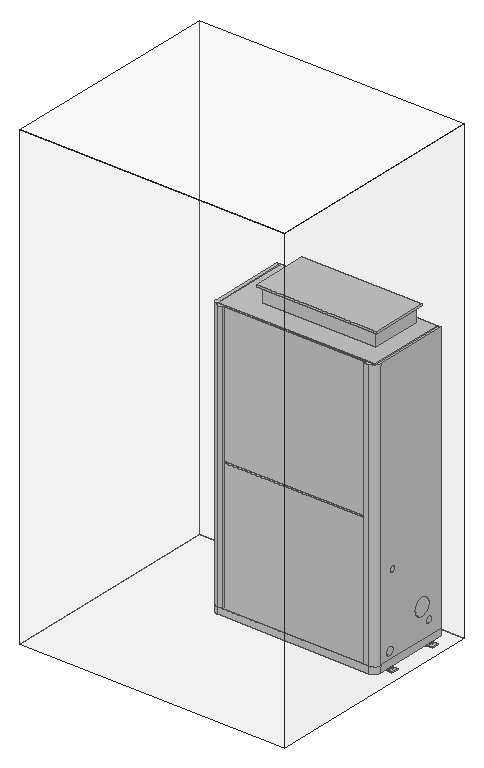
Revit family "pfav-p224_560dme3_60Hz", category 機械設備, Revit 2019
Family settings
  丸型コネクタ寸法 = 直径を使用
  パーツ タイプ = 標準
  OmniClass 番号 = 23.75.10.24.21.27.27
  OmniClass タイトル = Split System Air Conditioning Units
  作業面ベース = いいえ
  常に垂直 = はい
  ロード時にボイドで切り取り = いいえ
  共有 = いいえ
  部屋計算ポイント = いいえ
Parameters (values of type "PFAV-P224DME3")
  風量（m3／min） = 65
  風量 = MAX風量  # 3900 m³/h
  音響パワーレベル(dB) = 69
  電源種別 = ""
  電圧_電気ヒーター = 0 V
  電圧 = 200 V
  電動機出力_送風機 = 1500 W
  電動機出力_圧縮機 = 4510 W
  運転質量 = 0.00 kg
  連動 = ""
  質量 = if(製品質量 > 運転質量, 製品質量, 運転質量) * 1.2  # 150.00 kg
  負荷分類 = 3_ファン類
  説明 = "設備用パッケージエアコン 空冷床置形・冷暖兼用 一般空調設備用標準シリーズ"
  設計暖房能力 [instance] = 0 kW
  設計冷房能力_顕熱 [instance] = 0 kW
  設計冷房能力 [instance] = 0 kW
  設置方法 = "床置形"
  記号 [instance] = ""
  製造元 = "三菱電機株式会社"
  製品質量 = 125.00 kg
  製品出荷対象 = "国内"
  製品リリース年月 = ""
  製品グループ = ""
  系統 [instance] = ""
  符号 = "PAC-FRV(J)"
  積算_科目 = "1 空気調和設備"
  積算_拾い区分 [instance] = ""
  相_電気ヒーター = 1
  相 = 3
  盤記号 [instance] = ""
  発停方法 = ""
  特殊仕様 [instance] = ""
  火災停止 = ""
  消費電力_電気ヒーター = 0 W
  消費電力_暖房 = 740 W
  消費電力_加湿器 = 0 W
  消費電力_冷房 = 740 W
  消費電力 = if(消費電力_冷房 > 消費電力_暖房, 消費電力_冷房, 消費電力_暖房) + 消費電力_加湿器 + 消費電力_電気ヒーター  # 740 W
  法定耐用年数 = "15"
  機械基礎質量 [instance] = 0.00 kg
  機械基礎_W = 0.00 mm
  機械基礎_H = 0.00 mm
  機械基礎_D = 0.00 mm
  機械基礎 [instance] = no
  機外静圧 = 80.0 Pa
  極数 = 3
  材質 [instance] = ""
  本体マテリアル = none
  有効加湿量 = 0
  最小電線太さ_mm = 1.6
  最大電流値 = 6.5 A
  暖房能力 = 22.4 kW
  推奨ブレーカー容量 = 15 A
  形式_加湿器 = ""
  形式 = "床置（露出）立形"
  形名 = PFAV-P-DME : PFAV-P224DME3
  幹線記号 [instance] = ""
  始動方式 = "直入"
  呼称 = "パッケージ形空気調和機_室内機"
  周波数 = 60 Hz
  台数_手元リモコン [instance] = ""
  台数_冷媒分岐ユニット [instance] = ""
  参照している仕様書等のバージョン = "公共建築工事標準仕様書（機械設備工事編）平成31年度版"
  加湿給水管径 = 0.00 mm
  分類コード = "50053003023020"
  分類グループ = ""
  冷房能力 = 20 kW
  冷媒高低圧ガス管径 = 0.00 mm
  冷媒管径符号 = "Be"
  冷媒管径 = 100.00 mm
  冷媒液管径 = 9.52 mm
  冷媒ガス管径 = 19.05 mm
  価格 = 0
  企業コード = "108420"
  付属品_フィルター = ""
  付属品 [instance] = ""
  仕様書バージョン = "Version1.0"
  モデル = "PFAV-P224DME3"
  ドレン管径 = 34.00 mm
  ダクト高 = 336 mm
  ダクト幅 = 715 mm
  サービススペース = yes
  コメント [instance] = ""
  Keynote = ""
  Width = 980.00 mm
  Version = ""
  Uniclass2015Version = "Systems v1.9"
  Uniclass2015Title = "Split coil remote air cooled condensing units"
  Uniclass2015Code = "Pr_70_65_03_84"
  URL = ""
  S寸法 = 150.00 mm
  SpecificationReference = ""
  SpecificationDescription = ""
  Revision = ""
  ProductInformation = ""
  OmniClassCode = "23-33 17 13 11"
  MAX風量 = 風量（m3／min） * 60 m³/h  # 3900 m³/h
  IfcTypeProduct = ""
  IfcProduct = ""
  IfcExportType = "AIRCONDITIONINGUNIT"
  IfcExportAs = "IfcUnitaryEquipmentType"
  Height = 1748.00 mm
  Depth = 485.00 mm
  Clearance Top = 1000.00 mm
  Clearance Right = 100.00 mm
  Clearance Left = 500.00 mm
  Clearance Front = 800.00 mm
  Clearance Back = 50.00 mm
  COP = 0
  Author = "三菱電機株式会社"
  APF = 4.7
Types (4, lengths in mm): name | 風量（m3／min） | 風量 | 音響パワーレベル(dB) | 電動機出力_送風機 | 電動機出力_圧縮機 | 質量 | 製品質量 | 消費電力_暖房 | 消費電力_冷房 | 消費電力 | 機外静圧 | 最小電線太さ_mm | 最大電流値 | 暖房能力 | 推奨ブレーカー容量 | 形名 | 冷房能力 | 冷媒管径符号 | 冷媒液管径 | 冷媒ガス管径 | モデル | ドレン管径 | ダクト高 | ダクト幅 | Width | MAX風量 | Height | Depth | Clearance Left | Clearance Front | APF
  PFAV-P224DME3 | 65 | 3900 m³/h | 69 | 1500 W | 4510 W | 150.00 kg | 125.00 kg | 740 W | 740 W | 740 W | 80.0 Pa | 1.6 | 6.5 A | 22.4 kW | 15 A | PFAV-P-DME : PFAV-P224DME3 | 20 kW | "Be" | 9.52 | 19.05 | "PFAV-P224DME3" | 34.00 | 336 | 715 | 980.00 | 3900 m³/h | 1748.00 | 485.00 | 500.00 | 800.00 | 4.7
  PFAV-P280DME3 | 90 | 5400 m³/h | 71 | 1500 W | 5580 W | 178.80 kg | 149.00 kg | 940 W | 940 W | 940 W | 30.0 Pa | 1.6 | 6.5 A | 28 kW | 15 A | PFAV-P-DME : PFAV-P280DME3 | 25 kW | "Bf" | 9.52 | 22.20 | "PFAV-P280DME3" | 34.00 | 336 | 895 | 1200.00 | 5400 m³/h | 1748.00 | 485.00 | 500.00 | 800.00 | 4.9
  PFAV-P450DME3 | 140 | 8400 m³/h | 76 | 2200 W | 10900 W | 265.20 kg | 221.00 kg | 2130 W | 2130 W | 2130 W | 130.0 Pa | 1.6 | 9.5 A | 45 kW | 30 A | PFAV-P-DME : PFAV-P450DME3 | 40 kW | "Ch" | 12.70 | 28.58 | "PFAV-P450DME3" | 42.70 | 484 | 1046 | 1200.00 | 8400 m³/h | 1899.00 | 635.00 | 100.00 | 1000.00 | 0
  PFAV-P560DME3 | 165 | 9900 m³/h | 81 | 3700 W | 13600 W | 308.40 kg | 257.00 kg | 3200 W | 3200 W | 3200 W | 130.0 Pa | 2 | 15 A | 56 kW | 30 A | PFAV-P-DME : PFAV-P560DME3 | 50 kW | "Dh" | 15.88 | 28.58 | "PFAV-P560DME3" | 42.70 | 484 | 1253 | 1420.00 | 9900 m³/h | 1899.00 | 635.00 | 100.00 | 1000.00 | 0
Reference planes
  plane 1: z = 0
  plane 2 "上": z = 1650
  plane 3: z = 1748
  plane 4: z = 0
  plane 5: z = 2748
  plane 6 "中心(正面/背面)": y = -242.5
  plane 7 "中心(左/右)": x = 0
  plane 8 "左": x = -490
  plane 9 "右": x = 490
  plane 10 "正面": y = -485
  plane 11 "背面": y = 0
  plane 12: y = 150
  plane 13: x = -640
  plane 14: y = -635
  plane 15: y = 50
  plane 16: y = -1285
  plane 17: x = -990
  plane 18: x = 590
  plane 19: x = 640
Dimensions and locks
  locked: plane 3 to plane 2 "上" at 98
  "Height": plane 3 to plane 4
  "Clearance Top": plane 5 to plane 3
  "機械基礎_H": plane 4 to plane 1
  equal spacing: plane 8 "左", plane 7 "中心(左/右)", plane 9 "右"
  "Width": plane 8 "左" to plane 9 "右"
  equal spacing: plane 10 "正面", plane 6 "中心(正面/背面)", plane 11 "背面"
  "Depth": plane 10 "正面" to plane 11 "背面"
  "S寸法": plane 11 "背面" to plane 12
  "S寸法": plane 14 to plane 10 "正面"
  "S寸法": plane 13 to plane 8 "左"
  "Clearance Left": plane 17 to plane 8 "左"
  "Clearance Right": plane 9 "右" to plane 18
  "Clearance Front": plane 16 to plane 10 "正面"
  "Clearance Back": plane 11 "背面" to plane 15
  "S寸法": plane 9 "右" to plane 19
  aligned and locked: level to plane 1
  aligned and locked: plane 18 to nested 1
  aligned and locked: plane 16 to nested 1
  aligned and locked: nested 1 to plane 17
  aligned and locked: nested 1 to plane 15
  aligned and locked: plane 7 "中心(左/右)" to nested 2
  aligned and locked: plane 6 "中心(正面/背面)" to nested 2
  aligned and locked: plane 5 to nested 1
  aligned and locked: plane 4 to nested 2
Nested families
  nested 1: "サービススペース（pfav-p224_560dme3）" at (-200, -617.5, 1374), visible <- "サービススペース", type "サービススペース（pfav-p224_560dme3）"
    with Width 1580.00 mm, Height 2748.00 mm, Depth 1335.00 mm
  nested 2: "PFAV-P-DME" at (0, -242.5, 0), マテリアル1 <- "本体マテリアル", type <- "形名", type "PFAV-P224DME3"
    with 表示 yes, マテリアル2 none, マテリアル1 none, ドレン径 34.00 mm
Connectors
  hvac at (32.5, -187, 1748), driven by "ダクト高", driven by "ダクト幅", driven by "機外静圧", driven by "風量"
    settings: on nested 2, index 1, duct flow 3900 m³/h, flow factor 0, pres drop 80.0 Pa, loss coef 0, conn angle 0.00°, conn width 715 mm, conn height 336 mm, conn diameter 609.6 mm, duct sys type 1, conn prof type 1, flow config 1, flow direction 2, loss method 4, conn ref index -1, conn util no, is conn primary yes, conn desc ""
  piping at (493, -92, 130), diameter 34, driven by "ドレン管径"
    settings: on nested 2, index 2, connector inside diameter 609.60 mm, connector length 0.00 mm, flow factor 0, pipe flow 0.0 L/s, pressure drop 0.0 Pa, fitting loss kfactor 0, connector angle 0.00°, fixture units 0, engagement length 0.00 mm, angle of deflection 0.00°, flow configuration 1, flow direction 2, fitting loss method 4, system type 16, joint type 0, gender type 0, connector reference index -1, connector utility 0, adjustable connector no, is connector primary yes, connector description ""
  piping at (493, -145, 220), diameter 100, driven by "冷媒管径", driven by "冷媒管径符号"
    settings: on nested 2, index 3, connector inside diameter 609.60 mm, connector length 0.00 mm, flow factor 0, pipe flow 0.0 L/s, pressure drop 0.0 Pa, fitting loss kfactor 0, connector angle 0.00°, fixture units 0, engagement length 0.00 mm, angle of deflection 0.00°, flow configuration 1, flow direction 1, fitting loss method 4, system type 7, joint type 0, gender type 0, connector reference index -1, connector utility 0, adjustable connector no, is connector primary no, connector description "Be"
  electrical at (493, -385, 90), driven by "極数", driven by "負荷分類", driven by "電圧", driven by "消費電力"
    settings: on nested 2, index 5, voltage 200 V, apparent load 740 VA, apparent load phase1 0 VA, apparent load phase2 0 VA, apparent load phase3 0 VA, power factor 1, load classification "3_ファン類", number of poles 3, system type 30, power factor state 1, is connector primary yes, connector utility no, sub classification motor no, connector description ""
Definition of nested family "サービススペース（pfav-p224_560dme3）"
  Parameters (values of type "サービススペース")
    Width [instance] = 500.00 mm
    Height [instance] = 500.00 mm
    Depth [instance] = 500.00 mm
  Reference planes
    plane 1 "中心(正面/背面)": y = 0
    plane 2: z = 0
    plane 3 "中心(左/右)": x = 0
    plane 4: y = -250
    plane 5: x = 250
    plane 6: y = 250
    plane 7: x = -250
    plane 8: z = 250
    plane 9: z = -250
  Forms (mm)
    Extrusion 1, solid
      sketch origin (-638.939, 0, 72.39) x (1, 0, 0) y (0, 1, 0)
        loop
          line (388.939, 250) -> (388.939, -250) -> (888.939, -250) -> (888.939, 250) -> (388.939, 250)
      from -322.39 to 177.61
  Lines and regions (mm)
    symbolic lines
      curve 1: line (-250, 0, 250) -> (250, 0, 250)
      curve 2: line (-250, 0, -250) -> (-250, 0, 250)
      curve 3: line (250, 0, -250) -> (-250, 0, -250)
      curve 4: line (250, 0, 250) -> (250, 0, -250)
      curve 5: line (0, -250, 250) -> (0, 250, 250)
      curve 6: line (0, -250, -250) -> (0, -250, 250)
      curve 7: line (0, 250, -250) -> (0, -250, -250)
      curve 8: line (0, 250, 250) -> (0, 250, -250)
      curve 9: line (-250, 250, 0) -> (250, 250, 0)
      curve 10: line (-250, -250, 0) -> (-250, 250, 0)
      curve 11: line (250, -250, 0) -> (-250, -250, 0)
      curve 12: line (250, 250, 0) -> (250, -250, 0)
  Dimensions and locks
    equal spacing: plane 7, plane 3 "中心(左/右)", plane 5
    equal spacing: plane 4, plane 1 "中心(正面/背面)", plane 6
    "Depth": plane 4 to plane 6
    "Width": plane 7 to plane 5
    equal spacing: plane 8, plane 2, plane 9
    "Height": plane 8 to plane 9
    aligned and locked: plane 9 to curve 3
    aligned and locked: plane 7 to curve 2
    aligned and locked: curve 4 to plane 5
    aligned and locked: plane 5 to Extrusion 1
    aligned and locked: Extrusion 1 to plane 7
    aligned and locked: Extrusion 1 to plane 9
    aligned and locked: plane 8 to Extrusion 1
    aligned and locked: plane 9 to curve 7
  Automatic sketch dimensions
    plane 4 to Extrusion 1 sketch curve = 0.00 mm
    Extrusion 1 sketch curve to plane 7 = 0.00 mm
    Extrusion 1 sketch curve to plane 5 = 0.00 mm
    plane 6 to Extrusion 1 sketch curve = 0.00 mm
    curve 2 to plane 8 = 0.00 mm
    plane 4 to curve 11 = 0.00 mm
    curve 11 to plane 7 = 0.00 mm
    curve 11 to plane 5 = 0.00 mm
    plane 6 to curve 10 = 0.00 mm
    curve 7 to plane 4 = 0.00 mm
    curve 7 to plane 6 = 0.00 mm
    curve 6 to plane 8 = 0.00 mm
Definition of nested family "PFAV-P-DME"
  Parameters (values of type "224DME3")
    液径 = 9.52 mm
    液-W = 0.00 mm
    液-H = 225.00 mm
    液-D = 185.00 mm
    高 = 1650.00 mm
    電源径 = 43.00 mm
    電源-W = 0.00 mm
    電源-H = 90.00 mm
    電源-D = 385.00 mm
    表示 [instance] = yes
    幅 = 980.00 mm
    奥行 = 485.00 mm
    吊りボルト径 = 12.00 mm
    吊りボルト-W = 1014.00 mm
    吊りボルト-D = 300.00 mm
    吊りボルト-H = 0.00 mm
    加湿給水管径 = 27.00 mm
    加湿給水-W = 365.00 mm
    加湿給水-H = 520.00 mm
    加湿給水-D = 0.00 mm
    冷媒径 = 100.00 mm
    ガス径 = 19.05 mm
    ガス-W = 0.00 mm
    ガス-H = 215.00 mm
    ガス-D = 105.00 mm
    マテリアル2 [instance] = none
    マテリアル1 [instance] = none
    ドレン径 = 50.00 mm
    ドレン-W = 0.00 mm
    ドレン-H = 130.00 mm
    ドレン-D = 92.00 mm
    w = 675.00 mm
    h = 98.00 mm
    d = 296.00 mm
    b = 100.00 mm
    a = 19.00 mm
  Types (5, lengths in mm): name | 液径 | 液-H | 液-D | 高 | 電源径 | 電源-H | 電源-D | 幅 | 奥行 | 吊りボルト-W | 吊りボルト-D | 加湿給水-W | 加湿給水-H | ガス径 | ガス-H | ガス-D | ドレン-H | w | h | d | b | a
    (no name) | 9.52 | 225.00 | 185.00 | 1650.00 | 43.00 | 90.00 | 385.00 | 980.00 | 485.00 | 1014.00 | 300.00 | 365.00 | 520.00 | 19.05 | 215.00 | 105.00 | 130.00 | 675.00 | 98.00 | 296.00 | 100.00 | 19.00
    224DME3 | 9.52 | 225.00 | 185.00 | 1650.00 | 43.00 | 90.00 | 385.00 | 980.00 | 485.00 | 1014.00 | 300.00 | 365.00 | 520.00 | 19.05 | 215.00 | 105.00 | 130.00 | 675.00 | 98.00 | 296.00 | 100.00 | 19.00
    280DME3 | 9.52 | 225.00 | 185.00 | 1650.00 | 43.00 | 90.00 | 385.00 | 1200.00 | 485.00 | 1234.00 | 300.00 | 365.00 | 520.00 | 19.05 | 215.00 | 105.00 | 130.00 | 855.00 | 98.00 | 296.00 | 152.00 | 19.00
    450DME3 | 12.70 | 296.00 | 118.00 | 1850.00 | 52.00 | 100.00 | 530.00 | 1200.00 | 635.00 | 1230.00 | 440.00 | 438.00 | 680.00 | 28.58 | 296.00 | 238.00 | 169.00 | 1006.00 | 49.00 | 444.00 | 82.00 | 21.00
    560DME3 | 12.70 | 296.00 | 118.00 | 1850.00 | 52.00 | 100.00 | 530.00 | 1420.00 | 635.00 | 1450.00 | 440.00 | 438.00 | 680.00 | 28.58 | 296.00 | 238.00 | 169.00 | 1213.00 | 49.00 | 444.00 | 83.50 | 21.00
  Reference planes
    plane 1 "中心(正面/背面)": y = 0
    plane 2: z = 0
    plane 3 "中心(左/右)": x = 0
    plane 4: x = 490
    plane 5: x = -490
    plane 6: y = 242.5
    plane 7: y = -242.5
    plane 8: z = 1748
    plane 9: z = 830
    plane 10: z = 1650
    plane 11: z = 40
    plane 12: y = 150
    plane 13: y = -150
    plane 14: x = 507
    plane 15: x = -507
    plane 16: y = 223.5
    plane 17: y = -162.5
    plane 18: z = 130
    plane 19: z = 90
    plane 20: y = 57.5
    plane 21: z = 225
    plane 22: z = 215
    plane 23: z = 1738
    plane 24: y = 137.5
    plane 25: x = 470
    plane 26: x = -470
    plane 27: z = 820
    plane 28: y = -222.5
    plane 29: x = -420
    plane 30: x = 420
    plane 31: y = -239.5
    plane 32: x = 530
    plane 33: x = -530
    plane 34: y = 170
    plane 35: y = 130
    plane 36: y = -130
    plane 37: y = -170
    plane 38: y = 203.5
    plane 39: z = 5
    plane 40: x = 390
    plane 41: x = 370
    plane 42: x = -305
    plane 43: x = -325
    plane 44: y = -112.5
    plane 45: y = -92.5
    plane 46: y = 150.5
    plane 47: y = -142.5
    plane 48: x = 493
    plane 49: y = 97.5
    plane 50: z = 220
    plane 51: y = -122.5
    plane 52: z = 520
  Forms (mm)
    Extrusion 1, solid, material <- "マテリアル1", visible <- "表示", detail levels fine
      sketch origin (0, 0, -400) x (1, 0, 0) y (0, 1, 0)
        loop
          line (420, -222.5) -> (-420, -222.5) -> (-420, -239.5) -> (420, -239.5) -> (420, -222.5)
      from 1230 to 2050
    Extrusion 2, solid, material <- "マテリアル1", visible <- "表示", detail levels fine
      sketch origin (0, 0, -800) x (1, 0, 0) y (0, 1, 0)
        loop
          line (-420, -239.5) -> (420, -239.5) -> (420, -222.5) -> (-420, -222.5) -> (-420, -239.5)
      from 840 to 1620
    Extrusion 3, solid, material <- "マテリアル2", visible <- "表示", detail levels fine
      sketch origin (0, 0, 0) x (1, 0, 0) y (0, 1, 0)
        loop
          line (490, 170) -> (490, 130) -> (530, 130) -> (530, 170) -> (490, 170)
        loop
          line (490, -130) -> (490, -170) -> (530, -170) -> (530, -130) -> (490, -130)
        loop
          line (-530, 170) -> (-530, 130) -> (-490, 130) -> (-490, 170) -> (-530, 170)
        loop
          line (-530, -130) -> (-530, -170) -> (-490, -170) -> (-490, -130) -> (-530, -130)
        loop
          circle (-507, 150) r 6
        loop
          circle (507, 150) r 6
        loop
          circle (507, -150) r 6
        loop
          circle (-507, -150) r 6
      from 0 to 5
    Extrusion 4, solid, material <- "マテリアル2", visible <- "表示", detail levels fine
      sketch origin (0, -1140, 0) x (0, -1, 0) y (1, 0, 0)
        loop
          line (-1343.5, 370) -> (-1343.5, -305) -> (-1047.5, -305) -> (-1047.5, 370) -> (-1343.5, 370)
      from 1650 to 1738
    Extrusion 5, solid, material <- "マテリアル2", visible <- "表示", detail levels fine
      sketch origin (0, -1140, -430) x (0, -1, 0) y (1, 0, 0)
        loop
          line (-1363.5, 390) -> (-1363.5, -325) -> (-1027.5, -325) -> (-1027.5, 390) -> (-1363.5, 390)
      from 2168 to 2178
    Extrusion 6, solid, material <- "マテリアル1", visible <- "表示", detail levels fine
      sketch origin (-1437.329, -1524, 1748) x (-1, 0, 0) y (0, -1, 0)
        loop
          line (-947.329, -1766.5) -> (-947.329, -1321.5)
          arc (-947.329, -1321.5) -> (-959.045, -1293.216) -> (-987.329, -1281.5) r 40
          line (-987.329, -1281.5) -> (-1017.329, -1281.5) -> (-1017.329, -1301.5) -> (-967.329, -1301.5) -> (-967.329, -1766.5) -> (-947.329, -1766.5)
        loop
          line (-1907.329, -1766.5) -> (-1907.329, -1301.5) -> (-1857.329, -1301.5) -> (-1857.329, -1281.5) -> (-1887.329, -1281.5)
          arc (-1887.329, -1281.5) -> (-1915.614, -1293.216) -> (-1927.329, -1321.5) r 40
          line (-1927.329, -1321.5) -> (-1927.329, -1766.5) -> (-1907.329, -1766.5)
      from -1708 to -98
    Extrusion 7, solid, material <- "マテリアル1", visible <- "表示", detail levels fine
      sketch origin (-1437.329, -1524, 1748) x (-1, 0, 0) y (0, -1, 0)
        loop
          line (-1907.329, -1766.5) -> (-967.329, -1766.5) -> (-967.329, -1301.5) -> (-1907.329, -1301.5) -> (-1907.329, -1766.5)
      from -1708 to -98
    Extrusion 8, solid, material <- "マテリアル2", visible <- "表示", detail levels fine
      sketch origin (-1437.329, -1524, 1748) x (-1, 0, 0) y (0, -1, 0)
        loop
          line (-947.329, -1766.5) -> (-947.329, -1321.5)
          arc (-947.329, -1321.5) -> (-959.045, -1293.216) -> (-987.329, -1281.5) r 40
          line (-987.329, -1281.5) -> (-1887.329, -1281.5)
          arc (-1887.329, -1281.5) -> (-1915.614, -1293.216) -> (-1927.329, -1321.5) r 40
          line (-1927.329, -1321.5) -> (-1927.329, -1766.5) -> (-947.329, -1766.5)
      from -1748 to -1708
    Extrusion 9, solid, material <- "マテリアル2", visible <- "表示", detail levels fine
      sketch origin (490, 1296.25, 1200) x (0, 1, 0) y (0, 0, 1)
        loop
          circle (-1438.75, -1110) r 21.5
        loop
          circle (-1145.75, -1070) r 25
        loop
          circle (-1418.75, -680) r 13.5
      from 0 to 3
    Extrusion 10, solid, material <- "マテリアル1", visible <- "表示", detail levels fine
      sketch origin (490, 1296.25, 1200) x (0, 1, 0) y (0, 0, 1)
        loop
          circle (-1198.75, -980) r 50
      from 0 to 3
  Lines and regions (mm)
    Masking region 1, visible <- "表示", detail levels coarse+medium
      outline origin (0, 0, 0) x (1, 0, 0) y (0, 1, 0)
        loop
          line (-490, 242.5) -> (-490, -242.5) -> (490, -242.5) -> (490, 242.5) -> (-490, 242.5)
    symbolic lines, visible <- "表示"
      curve 1: line (-490, 242.5, 1748) -> (-490, -242.5, 1748)
      curve 2: line (-490, -242.5, 1748) -> (490, -242.5, 1748)
      curve 3: line (490, -242.5, 1748) -> (490, 242.5, 1748)
      curve 4: line (490, 242.5, 1748) -> (-490, 242.5, 1748)
      curve 5: line (-325, 223.5, 1748) -> (-325, -112.5, 1748)
      curve 6: line (-325, -112.5, 1748) -> (390, -112.5, 1748)
      curve 7: line (390, -112.5, 1748) -> (390, 223.5, 1748)
      curve 8: line (390, 223.5, 1748) -> (-325, 223.5, 1748)
    model lines, visible <- "表示", detail levels fine
      curve 9: line (420, -239.5, 720) -> (-420, -239.5, 720)
      curve 10: line (420, -239.5, 670) -> (-420, -239.5, 670)
      curve 11: line (0, -239.5, 720) -> (0, -239.5, 270)
      curve 12: line (420, -239.5, 620) -> (-420, -239.5, 620)
      curve 13: line (420, -239.5, 570) -> (-420, -239.5, 570)
      curve 14: line (420, -239.5, 520) -> (-420, -239.5, 520)
      curve 15: line (420, -239.5, 470) -> (-420, -239.5, 470)
      curve 16: line (420, -239.5, 420) -> (-420, -239.5, 420)
      curve 17: line (420, -239.5, 370) -> (-420, -239.5, 370)
      curve 18: line (420, -239.5, 320) -> (-420, -239.5, 320)
      curve 19: line (420, -239.5, 270) -> (-420, -239.5, 270)
      curve 20: line (140, -239.5, 720) -> (140, -239.5, 270)
      curve 21: line (-140, -239.5, 270) -> (-140, -239.5, 720)
      curve 22: line (280, -239.5, 720) -> (280, -239.5, 270)
      curve 23: line (-280, -239.5, 270) -> (-280, -239.5, 720)
  Dimensions and locks
    equal spacing: plane 7, plane 1 "中心(正面/背面)", plane 6
    "奥行": plane 7 to plane 6
    equal spacing: plane 5, plane 3 "中心(左/右)", plane 4
    "幅": plane 5 to plane 4
    locked: plane 11 to level at 40
    equal spacing: plane 13, plane 1 "中心(正面/背面)", plane 12
    "吊りボルト-D": plane 13 to plane 12
    equal spacing: plane 15, plane 3 "中心(左/右)", plane 14
    "吊りボルト-W": plane 15 to plane 14
    "a": plane 16 to plane 6
    locked: plane 7 to plane 17 at 80
    "ドレン-H": plane 18 to level
    "電源-H": plane 19 to level
    "液-H": plane 21 to level
    locked: plane 10 to plane 9 at 820
    "ガス-H": plane 22 to level
    "h": plane 8 to plane 10
    locked: plane 8 to plane 23 at 10
    locked: plane 5 to plane 26 at 20
    locked: plane 25 to plane 4 at 20
    locked: plane 9 to plane 27 at 10
    locked: plane 7 to plane 28 at 20
    locked: plane 26 to plane 29 at 50
    locked: plane 30 to plane 25 at 50
    locked: plane 7 to plane 31 at 3
    locked: plane 33 to plane 5 at 40
    locked: plane 4 to plane 32 at 40
    plane 37 to plane 13 to plane 36 = 20.00 mm locked, 20.00 mm locked
    plane 35 to plane 12 to plane 34 = 20.00 mm locked, 20.00 mm locked
    locked: plane 38 to plane 16 at 20
    locked: plane 39 to level at 5
    "b": plane 40 to plane 4
    locked: plane 43 to plane 42 at 20
    locked: plane 41 to plane 40 at 20
    "w": plane 42 to plane 41
    locked: plane 44 to plane 45 at 20
    "d": plane 45 to plane 38
    curve 9 to curve 10 to curve 12 to curve 13 to curve 14 to curve 15 to curve 16 to curve 17 to curve 18 to curve 19 = 50.00 mm locked, 50.00 mm locked, 50.00 mm locked, 50.00 mm locked, 50.00 mm locked, 50.00 mm locked, 50.00 mm locked, 50.00 mm locked, 50.00 mm locked
    equal spacing: plane 30, curve 22, curve 20, curve 11, curve 21, curve 23, plane 29
    "高": plane 10 to level
    "液-D": plane 20 to plane 6
    "ガス-D": plane 24 to plane 6
    "ドレン-D": plane 46 to plane 6
    "電源-D": plane 47 to plane 6
    locked: plane 4 to plane 48 at 3
    equal spacing: plane 20, plane 49, plane 24
    equal spacing: plane 21, plane 50, plane 22
    "加湿給水-W": plane 51 to plane 6
    "加湿給水-H": plane 52 to level
    radius of Extrusion 6 sketch curve = 40.00 mm  (x2)
    "吊りボルト径": diameter of Extrusion 3 sketch curve  (x4)
    "ドレン径": diameter of Extrusion 9 sketch curve
    "電源径": diameter of Extrusion 9 sketch curve
    "冷媒径": diameter of Extrusion 10 sketch curve
    "加湿給水管径": diameter of Extrusion 9 sketch curve
    aligned and locked: level to plane 2
    aligned and locked: plane 13 to nested 1
    aligned and locked: plane 14 to nested 1
    aligned and locked: plane 15 to nested 1
    aligned and locked: nested 1 to plane 12
    aligned and locked: Extrusion 2 to plane 11
    aligned and locked: Extrusion 1 to plane 9
    aligned and locked: Extrusion 5 to plane 23
    aligned and locked: plane 8 to Extrusion 5
    aligned and locked: Extrusion 6 to plane 11
    aligned and locked: Extrusion 4 to Extrusion 5
    aligned and locked: Extrusion 4 to plane 10
    aligned and locked: plane 10 to Extrusion 6
    aligned and locked: plane 10 to Extrusion 1
    aligned and locked: plane 27 to Extrusion 2
    aligned and locked: Extrusion 2 sketch curve to plane 28
    aligned and locked: Extrusion 6 sketch curve to plane 7
    aligned and locked: Extrusion 6 sketch curve to plane 29
    aligned and locked: Extrusion 6 sketch curve to plane 30
    aligned and locked: Extrusion 6 sketch curve to plane 25
    aligned and locked: plane 28 to Extrusion 6 sketch curve  (x2)
    aligned and locked: Extrusion 2 sketch curve to plane 29
    aligned and locked: Extrusion 2 sketch curve to plane 30
    aligned and locked: plane 31 to Extrusion 2 sketch curve
    aligned and locked: Extrusion 1 sketch curve to plane 30
    aligned and locked: Extrusion 1 sketch curve to plane 29
    aligned and locked: Extrusion 1 sketch curve to plane 28
    aligned and locked: Extrusion 1 sketch curve to plane 31
    aligned and locked: Extrusion 7 sketch curve to plane 6
    aligned and locked: Extrusion 7 sketch curve to plane 26
    aligned and locked: Extrusion 7 sketch curve to plane 28
    aligned and locked: Extrusion 7 sketch curve to plane 25
    aligned and locked: plane 10 to Extrusion 7
    aligned and locked: Extrusion 7 to plane 11
    aligned and locked: plane 34 to Extrusion 3 sketch curve  (x2)
    aligned and locked: plane 4 to Extrusion 3 sketch curve  (x2)
    aligned and locked: Extrusion 3 sketch curve to plane 35  (x2)
    aligned and locked: Extrusion 3 sketch curve to plane 32  (x2)
    aligned and locked: plane 36 to Extrusion 3 sketch curve  (x2)
    aligned and locked: Extrusion 3 sketch curve to plane 37  (x2)
    aligned and locked: plane 33 to Extrusion 3 sketch curve  (x2)
    aligned and locked: Extrusion 3 sketch curve to plane 5  (x2)
    aligned and locked: plane 12 to Extrusion 3 sketch curve  (x2)
    aligned and locked: plane 15 to Extrusion 3 sketch curve  (x2)
    aligned and locked: plane 13 to Extrusion 3 sketch curve  (x2)
    aligned and locked: plane 14 to Extrusion 3 sketch curve  (x2)
    aligned and locked: Extrusion 3 to level
    aligned and locked: plane 39 to Extrusion 3
    aligned and locked: Extrusion 8 sketch curve to Extrusion 6  (x3)
    aligned and locked: Extrusion 8 sketch curve to Extrusion 7
    aligned and locked: Extrusion 8 to level
    aligned and locked: plane 11 to Extrusion 8
    aligned and locked: Extrusion 4 sketch curve to plane 38
    aligned and locked: Extrusion 4 sketch curve to plane 45
    aligned and locked: Extrusion 4 sketch curve to plane 41
    aligned and locked: Extrusion 4 sketch curve to plane 42
    aligned and locked: Extrusion 5 sketch curve to plane 40
    aligned and locked: Extrusion 5 sketch curve to plane 16
    aligned and locked: Extrusion 5 sketch curve to plane 44
    aligned and locked: Extrusion 5 sketch curve to plane 43
    aligned and locked: Masking region 1 sketch curve to Extrusion 8
    aligned and locked: Masking region 1 sketch curve to Extrusion 6
    aligned and locked: Masking region 1 sketch curve to plane 7
    aligned and locked: Masking region 1 sketch curve to plane 4
    aligned and locked: curve 1 to Masking region 1
    aligned and locked: curve 3 to Masking region 1
    aligned and locked: curve 4 to Masking region 1
    aligned and locked: curve 5 to Extrusion 5
    aligned and locked: curve 6 to Extrusion 5
    aligned and locked: curve 7 to Extrusion 5
    aligned and locked: curve 8 to Extrusion 5
    aligned and locked: plane 18 to Extrusion 9 sketch curve
    aligned and locked: plane 46 to Extrusion 9 sketch curve
    aligned and locked: plane 47 to Extrusion 9 sketch curve
    aligned and locked: plane 19 to Extrusion 9 sketch curve
    aligned and locked: Extrusion 9 to plane 4
    aligned and locked: plane 48 to Extrusion 9
    aligned and locked: plane 49 to Extrusion 10 sketch curve
    aligned and locked: plane 50 to Extrusion 10 sketch curve
    aligned and locked: Extrusion 10 to plane 4
    aligned and locked: plane 48 to Extrusion 10
    aligned and locked: plane 52 to Extrusion 9 sketch curve
    aligned and locked: plane 51 to Extrusion 9 sketch curve
  Automatic sketch dimensions
    Extrusion 6 sketch curve to plane 26 = 0.00 mm
    plane 7 to Extrusion 6 sketch curve = 0.00 mm
    Extrusion 6 sketch curve to plane 4 = 0.00 mm
    Extrusion 6 sketch curve to plane 5 = 0.00 mm
    plane 6 to Extrusion 6 sketch curve = 0.00 mm  (x2)
    plane 28 to Extrusion 2 sketch curve = 0.00 mm
    plane 7 to curve 2 = 0.00 mm
    curve 16 to plane 29 = 0.00 mm
    curve 9 to plane 29 = 0.00 mm
    curve 15 to plane 29 = 0.00 mm
    curve 10 to plane 29 = 0.00 mm
    curve 19 to plane 29 = 0.00 mm
    curve 18 to plane 29 = 0.00 mm
    curve 17 to plane 29 = 0.00 mm
    curve 12 to plane 29 = 0.00 mm
    curve 13 to plane 29 = 0.00 mm
    curve 14 to plane 29 = 0.00 mm
    curve 15 to plane 30 = 0.00 mm
    curve 12 to plane 30 = 0.00 mm
    curve 17 to plane 30 = 0.00 mm
    curve 13 to plane 30 = 0.00 mm
    curve 16 to plane 30 = 0.00 mm
    curve 14 to plane 30 = 0.00 mm
    curve 19 to plane 30 = 0.00 mm
    curve 18 to plane 30 = 0.00 mm
    curve 10 to plane 30 = 0.00 mm
    curve 9 to plane 30 = 0.00 mm
    plane 21 to curve 22 = 45.00 mm
  Nested families
    nested 1: "固定点" at (-507, -150, 0), visible <- "表示", type "固定点", detail levels fine
      with W 1014.00 mm, D 300.00 mm, 中心円 12.00 mm
  Definition of nested family "固定点"
    Parameters (values of type "固定点")
      中心円 = 20.00 mm
      W [instance] = 1000.00 mm
      D [instance] = 1000.00 mm
    Reference planes
      plane 1 "中心(正面/背面)": y = 0
      plane 2: z = 0
      plane 3 "中心(左/右)": x = 0
      plane 4: x = 1000
      plane 5: y = 1000
    Lines and regions (mm)
      symbolic lines, detail levels fine
        curve 1: circle (0, 1000, 0) r 10 normal (0, 0, 1)
        curve 2: circle (0, 0, 0) r 10 normal (0, 0, 1)
        curve 3: circle (1000, 1000, 0) r 10 normal (0, 0, 1)
        curve 4: circle (1000, 0, 0) r 10 normal (0, 0, 1)
        curve 5: line (-200, 1000, 0) -> (1200, 1000, 0)
        curve 6: line (-200, 0, 0) -> (1200, 0, 0)
        curve 7: line (0, 1200, 0) -> (0, -200, 0)
        curve 8: line (1000, 1200, 0) -> (1000, -200, 0)
    Dimensions and locks
      "W": plane 3 "中心(左/右)" to plane 4
      "D": plane 1 "中心(正面/背面)" to plane 5
      "中心円": diameter of curve 1
      "中心円": diameter of curve 2
      "中心円": diameter of curve 3
      "中心円": diameter of curve 4
      aligned and locked: level to plane 2
      aligned and locked: plane 5 to curve 1
      aligned and locked: plane 3 "中心(左/右)" to curve 1
      aligned and locked: plane 3 "中心(左/右)" to curve 2
      aligned and locked: plane 1 "中心(正面/背面)" to curve 2
      aligned and locked: plane 4 to curve 3
      aligned and locked: plane 5 to curve 3
      aligned and locked: plane 1 "中心(正面/背面)" to curve 4
      aligned and locked: plane 4 to curve 4
      aligned and locked: plane 1 "中心(正面/背面)" to curve 6
      aligned and locked: curve 7 to plane 3 "中心(左/右)"
      aligned and locked: curve 8 to plane 4
    Automatic sketch dimensions
      curve 5 to plane 5 = 0.00 mm
      curve 6 to plane 3 "中心(左/右)" = 200.00 mm
      curve 5 to plane 3 "中心(左/右)" = 200.00 mm
      curve 4 to curve 6 = 200.00 mm
      curve 3 to curve 5 = 200.00 mm
      plane 1 "中心(正面/背面)" to curve 8 = 200.00 mm
      plane 1 "中心(正面/背面)" to curve 7 = 200.00 mm
      curve 3 to curve 8 = 200.00 mm
      curve 1 to curve 7 = 200.00 mm
